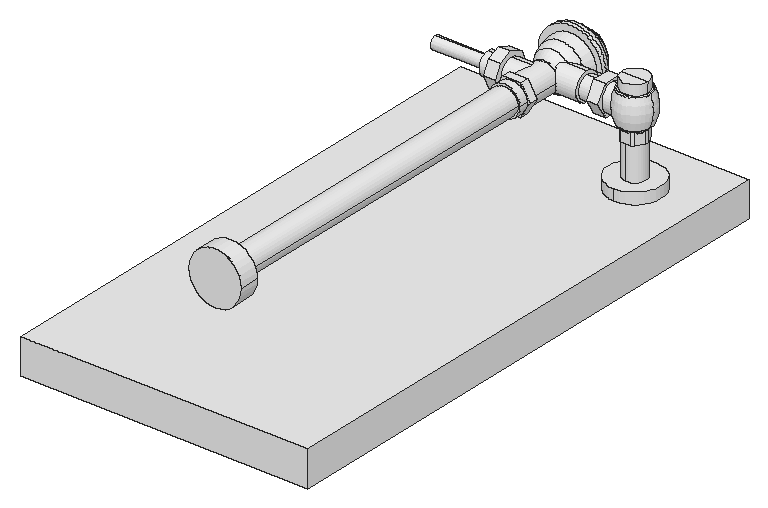
Revit family "Flush_Valve-Service_Sink-Zurn-Z6017AV", category Plumbing Fixtures, host Face, Revit 2022
Family settings
  Host = Face
  Round Connector Dimension = Use Radius
  Part Type = Normal
  OmniClass Number = 23.45.05.14.99
  OmniClass Title = Other Sanitary Washing Plumbing Fixtures
  Cut with Voids When Loaded = No
  Maintain Annotation Orientation = No
  Shared = No
  Room Calculation Point = No
Parameters (values of type "Z6017AV (Exposed Flush Valve for Clinic Service Sinks- 6.5 GPF, 24" R-I)")
  Waste Connection = 1 = 0  # no
  WFU = 0  # constant formula
  Vent Connection = 1 = 0  # no
  Valve Height [instance] = 24.00"  # constant formula
  Type Comments = ""
  Repair Parts URL = "https://files.zurn.com/care-cleaning-install-warranty-sheets/fv211.pdf"
  Product data URL = "https://bimobject.com/zurnindustries/product/Z6017AV"
  Product Page URL = "https://www.zurn.com/products/finish-plumbing/manual-flush-valves/diaphragm/z6017av"
  Product Installation Sheet URL = "https://files.zurn.com/care-cleaning-install-warranty-sheets/fv211.pdf"
  Product Documentation Link = "https://files.zurn.com/spec-sheets/z6017av.pdf"
  Operating Water Pressure (PSI) = "25 – 80 PSI (172 – 552 kPa)"  # constant formula
  Modified Date = "12/17/2025"  # constant formula
  Max Working Water Temperature = 104 °F  # constant formula
  Manufacturer Brand = "Zurn"  # constant formula
  Main Material = Chrome-Plated Brass - Zurn - Polished
  Inlet Connection Size (inch) = 1.00"
  HWFU = 0  # constant formula
  HW Connection = 1 = 0  # no
  Flush Rate (GPF) = "6.5 GPF"
  Enter Value of  Centerline of Flush Valve to Wall (2.25- 4.25) [instance] = 5.00"
  URL = "https://www.zurn.com/"
  Model = "Z6017AV"  # constant formula
  Manufacturer = "Zurn Water, LLC"  # constant formula
  Description = "Exposed Flush Valve for Clinic Service Sinks"  # constant formula
  Default Elevation = 48.00"
  Date Created = "12/17/2025"  # constant formula
  Centerline of Stop Valve to Centerline of Flush Valve = 4.75"  # constant formula
  Centerline of Flush Valve to Wall [instance] = if([Enter Value of  Centerline of Flush Valve to Wall (2.25- 4.25)] < 2.25", 2.25", if([Enter Value of  Centerline of Flush Valve to Wall (2.25- 4.25)] > 4.25", 4.25", [Enter Value of  Centerline of Flush Valve to Wall (2.25- 4.25)]))  # 4.25"
  CWFU = 0  # constant formula
  CW Connection = 1 = 1  # yes
  Assembly Code = "D2010.60"
  Activation Method = "Manual Operated"  # constant formula
Reference planes (in)
  plane 1 "Center (Front/Back)": y = 0
  plane 2: z = 0
  plane 3 "Center (Left/Right)": x = 0
  plane 4: y = 0
  plane 5: x = 4.75
  plane 6: z = 4.25
  plane 7: z = 4.25
  plane 8: x = 1.44
  plane 9: z = 4.25
  plane 10: y = 22.38
  plane 11: x = -1.2
  plane 12: x = -1.5
  plane 13: y = 21.63
  plane 14: y = 21.13
  plane 15: y = 20.63
  plane 16: z = -2
  plane 17: y = 24
  plane 18: z = 0.625
  plane 19: y = 18.515
  plane 20: y = 17.95
Forms (in)
  Extrusion 1, solid, material "Chrome-Plated Brass - Zurn - Polished" <- "Main Material"
    sketch origin (20.08675, -5.08734, 0) x (1, 0, 0) y (0, 1, 0)
      loop
        line (-28.30267, 32.83734) -> (-28.30267, 1.43535) -> (-11.87083, 1.43535) -> (-11.87083, 32.83734) -> (-28.30267, 32.83734)
    from 0 to -2
  Revolve 2, solid, material "Chrome-Plated Brass - Zurn - Polished" <- "Main Material"
    sketch origin (3.14024, -180, 4.25) x (-1, 0, 0) y (0, -1, 0)
      loop
        line (3.14024, -200.63) -> (3.14024, -181.34) -> (2.39024, -181.34) -> (2.39024, -200.63) -> (3.14024, -200.63)
      axis (3.14024, -200.63) -> (3.14024, -181.34)
    angle from 0 to 360
  Extrusion 3, solid, material "Chrome-Plated Brass - Zurn - Polished" <- "Main Material", detail levels fine
    sketch origin (-21.97181, 22.38, 48) x (-1, 0, 0) y (0, 0, 1)
      loop
        line (-22.4793, -42.871) -> (-22.98679, -43.75) -> (-22.4793, -44.629) -> (-21.33031, -44.629) -> (-20.88983, -43.86605) -> (-21.46432, -42.871) -> (-22.4793, -42.871)
    from -0.75 to -1.25
  Extrusion 4, solid, material "Chrome-Plated Brass - Zurn - Polished" <- "Main Material", detail levels fine
    sketch origin (0, 0, 0) x (1, 0, 0) y (0, 0, 1)
      loop
        circle (0, 4.25) r 0.86693
    from -21.13 to -20.63
  Extrusion 5, solid, material "Chrome-Plated Brass - Zurn - Polished" <- "Main Material"
    sketch origin (0, 18.18451, 4.25) x (0, 1, 0) y (-1, 0, 0)
      loop
        circle (5.81549, -4.75) r 1.5
    from -3.625 to -4.25
  Extrusion 6, solid, material "Chrome-Plated Brass - Zurn - Polished" <- "Main Material"
    sketch origin (0, 18.18451, 4.25) x (0, 1, 0) y (-1, 0, 0)
      loop
        circle (5.81549, -4.75) r 0.625
    from 0 to -3.625
  Extrusion 7, solid, material "Chrome-Plated Brass - Zurn - Polished" <- "Main Material", detail levels coarse+medium
    sketch origin (0, 0, 0) x (1, 0, 0) y (0, 0, 1)
      loop
        circle (0, 4.25) r 1.08
    from -21.63 to -20.63
Lines and regions (in)
  Masking region 1
    outline origin (0, 0, 0) x (1, 0, 0) y (0, 0, 1)
      loop
        line (-5.75, 3.91) -> (-2.74, 3.91) -> (-2.74, 3.611) -> (-2.14, 3.611) -> (-2.14, 3.1937) -> (-1.5, 3.1937)
        arc (-1.5, 3.1937) -> (0.15878, 2.42228) -> (1.65968, 3.4682) r 1.8346
        line (1.65968, 3.4682) -> (2.82524, 3.4682) -> (2.82524, 3.24) -> (3.67284, 3.24) -> (3.67284, 0.625) -> (3.25, 0.625) -> (3.25, 0) -> (6.25, 0) -> (6.25, 0.625) -> (5.84, 0.625) -> (5.84, 5.7) -> (3.66, 5.7) -> (3.66, 5.26) -> (2.82524, 5.26) -> (2.82524, 5.03116) -> (1.65999, 5.03116)
        arc (1.65999, 5.03116) -> (0.15914, 6.07769) -> (-1.5, 5.3063) r 1.8346
        line (-1.5, 5.3063) -> (-2.14, 5.3063) -> (-2.14, 4.889) -> (-2.74, 4.889) -> (-2.74, 4.59) -> (-5.75, 4.59) -> (-5.75, 3.91)
  symbolic lines, detail levels fine
    curve 1: arc (16.13166, 1.53838, 0) -> (16.10438, 1.57544, 0) -> (16.06088, 1.56041, 0) r 0.03882
    curve 2: arc (16.01901, -1.49785, 0) -> (16.0878, -1.52321, 0) -> (16.13166, -1.46447, 0) r 0.06127
Dimensions and locks (in)
  locked: plane 4 to plane 1 "Center (Front/Back)"
  "Centerline of Stop Valve to Centerline of Flush Valve": plane 3 "Center (Left/Right)" to plane 5
  "Centerline of Flush Valve to Wall": plane 6 to Extrusion 1
  locked: plane 7 to plane 6
  locked: plane 3 "Center (Left/Right)" to plane 8 at 1.44
  locked: nested 2 to plane 9 at 1.45
  locked: nested 3 to Revolve 2 sketch curve at 0.75
  locked: plane 11 to plane 3 "Center (Left/Right)" at 1.2
  locked: plane 12 to plane 3 "Center (Left/Right)" at 1.5
  locked: plane 14 to plane 15 at 0.5
  equal spacing: Extrusion 1 sketch curve, plane 3 "Center (Left/Right)", Extrusion 1 sketch curve
  locked: Extrusion 1 sketch curve to Extrusion 1 sketch curve at 16.43183
  locked: plane 4 to Extrusion 1 sketch curve at 3.652
  locked: level to plane 16 at 2
  "Valve Height": plane 17 to plane 4
  locked: plane 18 to level at 0.625
  plane 15 to plane 19 = 2.115"
  locked: plane 15 to plane 20 at 2.68
  locked: plane 13 to plane 14 at 0.5
  locked: plane 17 to plane 13 at 2.37
  equal spacing: Masking region 1 sketch curve, nested 3, Masking region 1 sketch curve  (x3)
  locked: Masking region 1 sketch curve to Masking region 1 sketch curve at 0.68
  locked: Masking region 1 sketch curve to Masking region 1 sketch curve at 1.278
  locked: Masking region 1 sketch curve to Masking region 1 sketch curve at 2.1126
  equal spacing: Masking region 1 sketch curve, plane 5, Masking region 1 sketch curve  (x2)
  locked: Masking region 1 sketch curve to Masking region 1 sketch curve at 2.18
  locked: Masking region 1 sketch curve to Masking region 1 sketch curve at 3
  equal spacing: Masking region 1 sketch curve, plane 9, Masking region 1 sketch curve
  locked: Masking region 1 sketch curve to Masking region 1 sketch curve at 2.02
  aligned and locked: nested 1 to plane 3 "Center (Left/Right)"
  aligned and locked: nested 1 to plane 4
  aligned and locked: nested 1 to plane 7
  aligned and locked: nested 3 to plane 6
  aligned and locked: nested 3 to plane 3 "Center (Left/Right)"
  aligned and locked: plane 7 to plane 9
  aligned and locked: Revolve 2 sketch curve to plane 3 "Center (Left/Right)"
  aligned and locked: Extrusion 3 sketch curve to nested 3  (x5)
  aligned and locked: Extrusion 3 to plane 14
  aligned and locked: nested 1 to Extrusion 4 sketch curve  (x2)
  aligned and locked: Extrusion 4 to Extrusion 3
  aligned and locked: Extrusion 4 to plane 15
  aligned and locked: plane 17 to nested 2
  aligned and locked: plane 5 to Extrusion 5 sketch curve
  aligned and locked: plane 17 to Extrusion 5 sketch curve
  aligned and locked: Extrusion 5 to Extrusion 1
  aligned and locked: plane 18 to Extrusion 5
  aligned and locked: nested 2 to Extrusion 6 sketch curve
  aligned and locked: plane 17 to Extrusion 6 sketch curve
  aligned and locked: Extrusion 6 to Extrusion 5
  aligned and locked: nested 3 to Extrusion 6
  aligned and locked: Revolve 2 sketch curve to Extrusion 4
  aligned and locked: Revolve 2 sketch curve to Revolve 2 sketch curve
  aligned and locked: nested 3 to plane 17
  aligned and locked: plane 13 to Extrusion 3
  aligned and locked: nested 1 to Extrusion 7 sketch curve  (x2)
  aligned and locked: plane 13 to Extrusion 7
  aligned and locked: Extrusion 7 to plane 15
  aligned and locked: Masking region 1 sketch curve to nested 3  (x3)
  aligned and locked: nested 3 to Masking region 1 sketch curve  (x2)
  aligned and locked: Masking region 1 sketch curve to nested 2  (x3)
  aligned and locked: Extrusion 1 to Masking region 1 sketch curve
  aligned and locked: Masking region 1 sketch curve to Extrusion 5  (x2)
  aligned and locked: plane 3 "Center (Left/Right)" to Masking region 1 sketch curve
  aligned and locked: nested 1 to Masking region 1 sketch curve  (x3)
  aligned and locked: nested 1 to Revolve 2 sketch curve
Automatic sketch dimensions
  plane 1 "Center (Front/Back)" to curve 2 = 1.46447"
  plane 5 to curve 2 = 11.32039"
  curve 2 to curve 1 = 0.02245"
  curve 1 to plane 1 "Center (Front/Back)" = 1.53838"
  curve 2 to curve 2 = 0.05138"
  curve 1 to curve 1 = 0.03196"
  curve 1 to curve 1 = 0.03882"
  curve 2 to curve 2 = 0.06127"
  Extrusion 3 sketch curve to plane 3 "Center (Left/Right)" = 0.6415"
  Extrusion 3 sketch curve to plane 6 = 0.11605"
  Extrusion 1 sketch curve to Extrusion 1 sketch curve = 31.402"
  Masking region 1 sketch curve to plane 12 = 0.00"  (x2)
  plane 8 to Masking region 1 sketch curve = 0.21999"
  Masking region 1 sketch curve to Masking region 1 sketch curve = 0.8476"
  plane 8 to Masking region 1 sketch curve = 0.21968"
  Revolve 2 sketch curve to plane 15 = 0.00"
  plane 1 "Center (Front/Back)" to Revolve 2 sketch curve = 0.69"
  radius of Extrusion 4 sketch curve = 0.86693"
  radius of Extrusion 5 sketch curve = 1.50"
  radius of Extrusion 6 sketch curve = 0.625"
  radius of Extrusion 7 sketch curve = 1.08"
Nested families (in)
  nested 1: "1.Part_Tube_ genric" at (0, -3.28111, 4.25) x (-1, 0, 0) z (0, 1, 0), type "1.Part_Tube_ genric"
  nested 2: "3. Stop Valve" at (4.75, 24, 4.2375) x (-1, 0, 0) z (0, 0, 1), type "Family2"
  nested 3: "Manual FV-Head" at (0, 21.6333, 4.25) x (-1, 0, 0) z (0, 1, 0), type "Manual FV-Head"
Connectors (in)
  piping at (4.75, 24, 0), diameter 2, driven by "Inlet Connection Size (inch)", driven by "CW Connection"
    settings: on Extrusion 5, index 1, connector inside diameter 24", connector length 0.00", flow factor 0, pipe flow 0 GPM, pressure drop 0.00 psi, fitting loss kfactor 0, connector angle 0.00°, fixture units 0, engagement length 0.00", angle of deflection 0.00°, flow configuration 0, flow direction 1, fitting loss method 0, system type 20, joint type 0, gender type 0, connector reference index -1, connector utility 1, adjustable connector no, is connector primary yes, connector description "Domestic Water inlet"
Definition of nested family "1.Part_Tube_ genric"
  Parameters (values of type "1.Part_Tube_ genric")
    Default Elevation = 48.00"
  Reference planes (in)
    plane 1 "Center (Front/Back)": y = 0
    plane 2: z = 3.28111
    plane 3 "Center (Left/Right)": x = 0
    plane 4: x = -1.5
    plane 5: x = 1.5
    plane 6: z = 4.37111
    plane 7: z = 4.62111
  Forms (in)
    Extrusion 1, solid, detail levels fine
      sketch origin (0, 0, 3.28111) x (1, 0, 0) y (0, 1, 0)
        loop
          circle (0, 0) r 1.5
      from 0 to 1.09
    Extrusion 2, solid, detail levels fine
      sketch origin (0, 0, 3.28111) x (1, 0, 0) y (0, 1, 0)
        loop
          line (1.14898, -0.00001) -> (0.57452, 0.995) -> (-0.57453, 0.995) -> (-1.14898, 0.00001) -> (-0.57452, -0.995) -> (0.57453, -0.995) -> (1.14898, -0.00001)
      from 1.09 to 1.34
    Revolve 3, solid, detail levels coarse+medium
      sketch origin (0, 0, 0) x (1, 0, 0) y (0, 0, 1)
        loop
          line (-1.14898, 4.62111) -> (-1.14898, 4.37111) -> (-1.5, 4.37111) -> (-1.5, 3.28111) -> (0, 3.28111) -> (0, 4.62111) -> (-1.14898, 4.62111)
        axis (0, 4.62111) -> (0, 3.28111)
      angle from 0 to 360
  Dimensions and locks (in)
    equal spacing: plane 5, plane 3 "Center (Left/Right)", plane 4, locked at 1.5 each
    locked: plane 3 "Center (Left/Right)" to plane 4 at 1.5
    locked: plane 6 to level at 1.09
    locked: plane 7 to plane 6 at 0.25
    equal spacing: Extrusion 2 sketch curve, plane 1 "Center (Front/Back)", Extrusion 2 sketch curve
    locked: Extrusion 2 sketch curve to Extrusion 2 sketch curve at 1.99
    equal spacing: Extrusion 2 sketch curve, plane 3 "Center (Left/Right)", Extrusion 2 sketch curve  (x2)
    locked: Extrusion 2 sketch curve to Extrusion 2 sketch curve at 1.99011
    locked: Extrusion 2 sketch curve to Extrusion 2 sketch curve at 1.99009
    locked: Extrusion 2 sketch curve to Extrusion 2 sketch curve (angle 120.00°)  (x5)
    angle Extrusion 2 sketch curve to Extrusion 2 sketch curve = 120.00°
    aligned and locked: plane 2 to level
    aligned and locked: plane 3 "Center (Left/Right)" to Extrusion 1 sketch curve
    aligned and locked: plane 1 "Center (Front/Back)" to Extrusion 1 sketch curve
    aligned and locked: plane 6 to Extrusion 1
    aligned and locked: plane 7 to Extrusion 2
    aligned and locked: Extrusion 2 to Extrusion 1
    aligned and locked: Revolve 3 sketch curve to Extrusion 2
    aligned and locked: plane 6 to Revolve 3 sketch curve
    aligned and locked: Revolve 3 sketch curve to plane 4
    aligned and locked: Revolve 3 sketch curve to level
    aligned and locked: Revolve 3 sketch curve to plane 3 "Center (Left/Right)"  (x2)
    aligned and locked: Extrusion 2 to Revolve 3 sketch curve
  Automatic sketch dimensions
    Revolve 3 sketch curve to level = 0.41"
    plane 7 to Revolve 3 sketch curve = 0.50"
    radius of Extrusion 1 sketch curve = 1.50"
Definition of nested family "3. Stop Valve"
  Parameters (values of type "Family2")
    Default Elevation = 0.00"
  Reference planes (in)
    plane 1 "Center (Front/Back)": y = 0
    plane 2: z = 0
    plane 3 "Center (Left/Right)": x = 0
  Dimensions and locks (in)
    aligned and locked: plane 2 to level
  Nested families (in)
    nested 1: "Stop Valve_ plumbing Fixture_ Genric Template" at (0, 0, 0) x (-1, 0, 0) z (0, -1, 0), type "3.Part_ Stop Valve"
  Definition of nested family "Stop Valve_ plumbing Fixture_ Genric Template"
    Parameters (values of type "3.Part_ Stop Valve")
      Stop Body Finish = none
      Default Elevation = 48.00"
      Assembly Code = ""
    Reference planes (in)
      plane 1 "Center (Front/Back)": y = 0
      plane 2: z = 0
      plane 3 "Center (Left/Right)": x = 0
      plane 4: x = -3.1
      plane 5 "Middle Plane": z = 0
      plane 6: x = 0
      plane 7: x = -3.1
    Forms (in)
      Revolve 1, solid, material <- "Stop Body Finish", detail levels fine
        sketch origin (5.11008, 2.28141, 0) x (-1, 0, 0) y (0, -1, 0)
          loop
            line (4.36008, 3.18991) -> (4.25498, 3.18991)
            arc (4.25498, 3.18991) -> (4.22986, 3.18245) -> (4.21289, 3.16248) r 0.046
            arc (4.21289, 3.16248) -> (4.03022, 2.31942) -> (4.19363, 1.47241) r 2.15
            line (4.19363, 1.47241) -> (4.27508, 1.47241)
            arc (4.27508, 1.47241) -> (4.36347, 1.4358) -> (4.40008, 1.34741) r 0.125
            line (4.40008, 1.34741) -> (4.40008, 1.29134) -> (4.46008, 1.18741) -> (5.11008, 1.18741) -> (5.11008, 3.74391) -> (4.36008, 3.74391) -> (4.36008, 3.18991)
          axis (5.11008, 3.74391) -> (5.11008, 1.18741)
        angle from 0 to 360
      Revolve 2, solid, material <- "Stop Body Finish", detail levels fine
        sketch origin (5.11008, 2.29491, 0) x (-1, 0, 0) y (0, -1, 0)
          loop
            line (6.40484, 2.29491) -> (6.40484, 3.07741) -> (4.98008, 3.07741) -> (4.98008, 2.29491) -> (6.40484, 2.29491)
          axis (4.98008, 2.29491) -> (6.40484, 2.29491)
        angle from 0 to 360
      Extrusion 3, solid, material <- "Stop Body Finish", detail levels fine
        sketch origin (0, 0.96642, 0) x (1, 0, 0) y (0, 0, -1)
          loop
            line (-0.70575, -0.07761) -> (-0.42009, -0.57239)
            arc (-0.42009, -0.57239) -> (-0.355, -0.61488) -> (-0.28566, -0.65) r 0.71
            line (-0.28566, -0.65) -> (0.28566, -0.65)
            arc (0.28566, -0.65) -> (0.355, -0.61488) -> (0.42009, -0.57239) r 0.71
            line (0.42009, -0.57239) -> (0.70575, -0.07761)
            arc (0.70575, -0.07761) -> (0.71, 0) -> (0.70575, 0.07761) r 0.71
            line (0.70575, 0.07761) -> (0.42009, 0.57239)
            arc (0.42009, 0.57239) -> (0.355, 0.61488) -> (0.28566, 0.65) r 0.71
            line (0.28566, 0.65) -> (-0.28566, 0.65)
            arc (-0.28566, 0.65) -> (-0.355, 0.61488) -> (-0.42009, 0.57239) r 0.71
            line (-0.42009, 0.57239) -> (-0.70575, 0.07761)
            arc (-0.70575, 0.07761) -> (-0.71, 0) -> (-0.70575, -0.07761) r 0.71
        from 0 to 0.70508
      Extrusion 4, solid, material <- "Stop Body Finish", detail levels fine
        sketch origin (-1.29476, 0, 0) x (0, 0, -1) y (0, -1, 0)
          loop
            line (-0.50085, 0.8675) -> (-1.0017, 0) -> (-0.50085, -0.8675) -> (0.50085, -0.8675) -> (1.0017, 0) -> (0.50085, 0.8675) -> (-0.50085, 0.8675)
        from 0 to 0.63
      Extrusion 5, solid, detail levels fine
        sketch origin (-1.92476, 0, 0) x (0, 0, -1) y (0, -1, 0)
          loop
            circle (0, 0) r 0.6385
        from 0 to 1.17524
      Extrusion 6, solid, detail levels coarse+medium
        sketch origin (0, 0, 0) x (1, 0, 0) y (0, 0, 1)
          loop
            circle (0, 0) r 1.085
        from 1.4625 to -1.6715
      Revolve 7, solid, detail levels coarse+medium
        sketch origin (0, 0, 0) x (1, 0, 0) y (0, 1, 0)
          loop
            line (-3.1, 0) -> (0, 0) -> (0, 0.7825) -> (-1.29476, 0.7825) -> (-1.29476, 0.995) -> (-1.92476, 0.995) -> (-1.92476, 0.64096) -> (-3.1, 0.64096) -> (-3.1, 0)
          axis (-3.1, 0) -> (0, 0)
        angle from 0 to 360
    Cuts and joins
      joined: Revolve 1, Revolve 2, Extrusion 3, Extrusion 4
    Lines and regions (in)
      model lines, not visible
        curve 1: circle (0, -1.4625, 0) r 0.75 normal (0, -1, 0)
        curve 2: circle (0, 1.6715, 0.02784) r 0.71055 normal (0, -1, 0)
        curve 3: line (-1.29476, -0.7825, 0) -> (-0.93627, -0.7825, 0)
        curve 4: line (-0.93627, -0.7825, 0) -> (-0.89082, -0.9085, 0)
        curve 5: line (-0.75, -1.4625, 0) -> (-0.75, -0.9085, 0)
        curve 8: arc (0.86386, -0.9085, 0) -> (1.07581, -0.05543, 0) -> (0.91645, 0.809, 0) r 2.07986
        curve 9: line (0.71055, 1.6715, 0) -> (0.71055, 0.809, 0)
        curve 10: line (-0.71, 1.6715, 0) -> (-0.71, 0.809, 0)
        curve 11: line (-0.92722, 0.7825, 0) -> (-1.29476, 0.7825, 0)
      model lines, not visible, detail levels coarse+medium
        curve 6: line (0.75, -1.4625, 0) -> (0.75, -0.9085, 0)
        curve 7: line (0.75, -0.9085, 0) -> (0.86386, -0.9085, 0)
    Dimensions and locks (in)
      plane 3 "Center (Left/Right)" to plane 4 = 3.10"
      locked: plane 1 "Center (Front/Back)" to Revolve 7 sketch curve at 0.64096
      plane 1 "Center (Front/Back)" to Revolve 7 sketch curve = 0.995"
      locked: plane 5 "Middle Plane" to level
      locked: plane 6 to plane 3 "Center (Left/Right)"
      locked: plane 7 to plane 6 at 3.1
      aligned and locked: level to plane 2
      aligned and locked: plane 1 "Center (Front/Back)" to Extrusion 5 sketch curve
      aligned and locked: level to Extrusion 5 sketch curve
      aligned and locked: Extrusion 5 to plane 4
      aligned and locked: plane 3 "Center (Left/Right)" to Extrusion 6 sketch curve
      aligned and locked: level to Extrusion 6 sketch curve
      aligned and locked: Extrusion 6 to curve 2
      aligned and locked: Extrusion 6 to curve 1
      aligned and locked: Revolve 7 sketch curve to plane 3 "Center (Left/Right)"
      aligned and locked: plane 1 "Center (Front/Back)" to Revolve 7 sketch curve  (x2)
      aligned and locked: Revolve 7 sketch curve to cut or joined group of Revolve 1, Revolve 2, Extrusion 3, Extrusion 4  (x2)
      aligned and locked: Revolve 7 sketch curve to curve 11
      aligned and locked: plane 4 to Revolve 7 sketch curve
Definition of nested family "Manual FV-Head"
  Parameters (values of type "Manual FV-Head")
    Repair Parts URL = ""
    Product data URL = ""
    Product Weight (lbs) = 0
    Product Page URL = ""
    Product Installation Sheet URL = ""
    Product Documentation Link = ""
    Operating Water Pressure (PSI) = ""
    Modified Date = ""
    Max Working Water Temperature = -459.67 °F
    Manufacturer Brand = ""
    Main Material = none
    Inlet Connection Size (inch) = 0.00"
    Flush Rate (GPF) = ""
    Flow Rate (GPM) = 0 GPM
    Default Elevation = 48.00"
    Date Created = ""
    Aerator Flow Rate (GPM) = 0.0 gal
    Activation Method = ""
  Reference planes (in)
    plane 1 "Center (Front/Back)": y = 0
    plane 2: z = 0
    plane 3 "Center (Left/Right)": x = 0
    plane 4: z = 3.703
    plane 5: z = 4.843
    plane 6: x = 1.8325
    plane 7: x = 1.25
    plane 8: z = 4.07
    plane 9: z = 4.843
    plane 10: z = 5.113
    plane 11: x = -1.452
    plane 12: x = -0.8395
    plane 13: z = 2.69
    plane 14: z = 1.346
    plane 15: z = 1.261
    plane 16: x = 1.45
    plane 17: x = 2.14
    plane 18: x = 2.74
    plane 19: x = 5.75
    plane 20: z = 2.3667
    plane 21: x = -2
  Forms (in)
    Revolve 1, solid, material <- "Main Material", detail levels fine
      sketch origin (0, 0, 0) x (1, 0, 0) y (0, 0, 1)
        loop
          line (0, 3.703) -> (1.8325, 3.703) -> (1.8325, 3.9027)
          arc (1.8325, 3.9027) -> (1.80666, 4.06135) -> (1.73182, 4.20361) r 0.5
          line (1.73182, 4.20361) -> (1.40003, 4.64391)
          arc (1.40003, 4.64391) -> (1.22381, 4.79047) -> (1.00071, 4.843) r 0.5
          line (1.00071, 4.843) -> (0, 4.843) -> (0, 3.703)
        axis (0, 4.843) -> (0, 3.703)
      angle from 0 to 360
    Extrusion 2, solid, material <- "Main Material", detail levels fine
      sketch origin (0, 0, 0) x (1, 0, 0) y (0, 1, 0)
        loop
          line (-0.50749, 0.879) -> (-1.01498, 0) -> (-0.50749, -0.879) -> (0.50749, -0.879) -> (1.01498, 0) -> (0.50749, 0.879) -> (-0.50749, 0.879)
      from 4.843 to 5.113
    Revolve 3, solid, material <- "Main Material", detail levels fine
      sketch origin (0, 0, 0) x (1, 0, 0) y (0, 0, 1)
        loop
          line (0, 1.8) -> (0, 3.703) -> (-1.452, 3.703) -> (-1.33315, 2.99744)
          arc (-1.33315, 2.99744) -> (-1.25374, 2.71616) -> (-1.11572, 2.45853) r 1.35193
          arc (-1.11572, 2.45853) -> (-0.91135, 2.15706) -> (-0.8395, 1.8) r 0.92309
          line (-0.8395, 1.8) -> (0, 1.8)
        axis (0, 3.703) -> (0, 1.8)
      angle from 0 to 360
    Extrusion 4, solid, material <- "Main Material"
      sketch origin (0, 0, 0) x (0, 1, 0) y (0, 0, 1)
        loop
          circle (0, 1.261) r 0.764
      from 0 to 1.45
    Extrusion 5, solid, material <- "Main Material"
      sketch origin (0, 0, 0) x (0, 1, 0) y (0, 0, 1)
        loop
          circle (0, 1.261) r 0.639
      from 2.14 to 2.74
    Extrusion 6, solid, material <- "Main Material", detail levels coarse+medium
      sketch origin (0, 0, 0) x (0, 1, 0) y (0, 0, 1)
        loop
          circle (0, 1.261) r 1.0563
      from 2.14 to 1.45
    Revolve 7, solid, material <- "Main Material", detail levels coarse+medium
      sketch origin (0, 0, 0) x (1, 0, 0) y (0, 0, 1)
        loop
          line (0, 1.8) -> (0.8395, 1.8)
          arc (0.8395, 1.8) -> (1.2915, 2.70924) -> (1.5, 3.703) r 4
          line (1.5, 3.703) -> (1.8484, 3.703) -> (1.8484, 4.843) -> (1.01498, 4.843) -> (1.01498, 5.113) -> (0, 5.113) -> (0, 1.8)
        axis (0, 5.113) -> (0, 1.8)
      angle from 0 to 360
    Extrusion 8, solid, material <- "Main Material"
      sketch origin (0, 0, 0) x (1, 0, 0) y (0, 1, 0)
        loop
          circle (0, 0) r 0.8143
      from 0 to 1.8
    Extrusion 9, solid, material <- "Main Material", detail levels fine
      sketch origin (0, 0, 0) x (0, 1, 0) y (0, 0, 1)
        loop
          line (0, 2.311) -> (-0.74246, 2.00346) -> (-1.05, 1.261) -> (-0.74246, 0.51854) -> (0, 0.211) -> (0.74246, 0.51854) -> (1.05, 1.261) -> (0.74246, 2.00346) -> (0, 2.311)
      from 1.45 to 2.14
    Extrusion 10, solid, material <- "Main Material"
      sketch origin (0, 0, 0) x (0, 1, 0) y (0, 0, 1)
        loop
          circle (0, 1.261) r 0.34
      from 2.74 to 5.75
    Extrusion 11, solid, material <- "Main Material"
      sketch origin (0, 0, 0) x (0, 1, 0) y (0, 0, 1)
        loop
          circle (0, 2.3667) r 0.7813
      from -2 to 0
  Dimensions and locks (in)
    locked: level to plane 4 at 3.703
    locked: plane 4 to plane 5 at 1.14
    locked: plane 4 to plane 8 at 0.367
    equal spacing: Extrusion 2 sketch curve, plane 3 "Center (Left/Right)", Extrusion 2 sketch curve, locked at 1.01498 each
    equal spacing: Extrusion 2 sketch curve, plane 3 "Center (Left/Right)", Extrusion 2 sketch curve, locked at 0.879 each  (x2)
    locked: plane 9 to plane 4 at 1.14
    locked: plane 10 to plane 9 at 0.27
    locked: plane 3 "Center (Left/Right)" to plane 11 at 1.452
    locked: plane 3 "Center (Left/Right)" to plane 12 at 0.8395
    locked: plane 13 to level at 2.69
    locked: Revolve 3 sketch curve to plane 13 at 0.532
    locked: plane 13 to Revolve 3 sketch curve at 0.89
    equal spacing: plane 3 "Center (Left/Right)", Revolve 3 sketch curve, Revolve 3 sketch curve
    locked: plane 14 to level at 1.346
    locked: plane 15 to level at 1.261
    equal spacing: Extrusion 2 sketch curve, plane 1 "Center (Front/Back)", Extrusion 2 sketch curve, locked at 0.879 each
    locked: Revolve 7 sketch curve to plane 3 "Center (Left/Right)" at 1.8484
    locked: Revolve 7 sketch curve to Revolve 7 sketch curve at 2.48735
    locked: Revolve 7 sketch curve to plane 4 at 0.31782
    equal spacing: Extrusion 9 sketch curve, plane 15, Extrusion 9 sketch curve  (x4)
    locked: Extrusion 9 sketch curve to Extrusion 9 sketch curve at 1.94015  (x4)
    locked: plane 16 to plane 3 "Center (Left/Right)" at 1.45
    locked: plane 17 to plane 16 at 0.69
    locked: plane 18 to plane 3 "Center (Left/Right)" at 2.74
    locked: plane 19 to plane 3 "Center (Left/Right)" at 5.75
    locked: plane 20 to level at 2.3667
    locked: plane 3 "Center (Left/Right)" to plane 21 at 2
    radius of Extrusion 8 sketch curve = 0.8143"
    radius of Extrusion 10 sketch curve = 0.34"
    locked: Extrusion 2 sketch curve to Extrusion 2 sketch curve (angle 120.00°)  (x4)
    angle Extrusion 2 sketch curve to Extrusion 2 sketch curve = 120.00°
    locked: Extrusion 9 sketch curve to Extrusion 9 sketch curve (angle 135.00°)  (x7)
    angle Extrusion 9 sketch curve to Extrusion 9 sketch curve = 135.00°
    aligned and locked: plane 2 to level
    aligned and locked: Revolve 1 sketch curve to plane 3 "Center (Left/Right)"  (x2)
    aligned and locked: plane 5 to Revolve 1 sketch curve
    aligned and locked: Extrusion 2 to plane 9
    aligned and locked: plane 10 to Extrusion 2
    aligned and locked: plane 11 to Revolve 3 sketch curve
    aligned and locked: plane 12 to Revolve 3 sketch curve
    aligned and locked: Revolve 3 sketch curve to Revolve 3 sketch curve
    aligned and locked: plane 3 "Center (Left/Right)" to Revolve 3 sketch curve
    aligned and locked: plane 4 to Revolve 3 sketch curve
    aligned and locked: Revolve 3 sketch curve to plane 3 "Center (Left/Right)"
    aligned and locked: plane 15 to Extrusion 4 sketch curve
    aligned and locked: plane 1 "Center (Front/Back)" to Extrusion 4 sketch curve
    aligned and locked: plane 1 "Center (Front/Back)" to Extrusion 5 sketch curve
    aligned and locked: plane 15 to Extrusion 5 sketch curve
    aligned and locked: plane 1 "Center (Front/Back)" to Extrusion 6 sketch curve
    aligned and locked: plane 15 to Extrusion 6 sketch curve
    aligned and locked: Revolve 7 sketch curve to Extrusion 2
    aligned and locked: plane 10 to Revolve 7 sketch curve
    aligned and locked: Revolve 7 sketch curve to plane 3 "Center (Left/Right)"  (x2)
    aligned and locked: Revolve 7 sketch curve to plane 4
    aligned and locked: plane 9 to Revolve 7 sketch curve
    aligned and locked: Revolve 3 to Revolve 7 sketch curve
    aligned and locked: plane 3 "Center (Left/Right)" to Extrusion 8 sketch curve
    aligned and locked: plane 1 "Center (Front/Back)" to Extrusion 8 sketch curve
    aligned and locked: Extrusion 8 to Revolve 3
    aligned and locked: Extrusion 8 to level
    aligned and locked: plane 1 "Center (Front/Back)" to Extrusion 10 sketch curve
    aligned and locked: plane 15 to Extrusion 10 sketch curve
    aligned and locked: plane 16 to Extrusion 4
    aligned and locked: Extrusion 4 to plane 3 "Center (Left/Right)"
    aligned and locked: plane 17 to Extrusion 9
    aligned and locked: Extrusion 9 to Extrusion 4
    aligned and locked: plane 18 to Extrusion 5
    aligned and locked: Extrusion 5 to Extrusion 9
    aligned and locked: plane 19 to Extrusion 10
    aligned and locked: Extrusion 10 to Extrusion 5
    aligned and locked: Extrusion 6 to Extrusion 9
    aligned and locked: plane 1 "Center (Front/Back)" to Extrusion 11 sketch curve
    aligned and locked: plane 20 to Extrusion 11 sketch curve
    aligned and locked: plane 3 "Center (Left/Right)" to Extrusion 11
    aligned and locked: Extrusion 11 to plane 21
  Automatic sketch dimensions
    plane 1 "Center (Front/Back)" to Extrusion 2 sketch curve = 0.00"
    Extrusion 2 sketch curve to plane 3 "Center (Left/Right)" = 0.50749"
    plane 6 to Revolve 1 sketch curve = 0.00"
    Revolve 1 sketch curve to plane 4 = 0.00"
    plane 7 to Revolve 1 sketch curve = 0.24929"
    Revolve 1 sketch curve to plane 7 = 0.0825"
    Revolve 1 sketch curve to plane 7 = 0.15003"
    plane 6 to Revolve 1 sketch curve = 0.10068"
    Revolve 1 sketch curve to plane 4 = 0.5634"
    Revolve 1 sketch curve to Revolve 1 sketch curve = 0.2966"
    Revolve 3 sketch curve to plane 3 "Center (Left/Right)" = 0.00"
    Revolve 3 sketch curve to plane 11 = 0.31059"
    plane 11 to Revolve 3 sketch curve = 0.11885"
    Revolve 3 sketch curve to Revolve 3 sketch curve = 0.16645"
    Revolve 3 sketch curve to Revolve 3 sketch curve = 0.21859"
    Extrusion 2 sketch curve to Extrusion 2 sketch curve = 0.50749"
    Revolve 7 sketch curve to Revolve 7 sketch curve = 0.3484"
    plane 14 to Revolve 7 sketch curve = 0.15706"
    Revolve 7 sketch curve to Revolve 7 sketch curve = 0.39006"
    Extrusion 9 sketch curve to plane 15 = 0.00"
    radius of Extrusion 4 sketch curve = 0.764"
    radius of Extrusion 5 sketch curve = 0.639"
    radius of Extrusion 6 sketch curve = 1.0563"
    radius of Extrusion 11 sketch curve = 0.7813"
